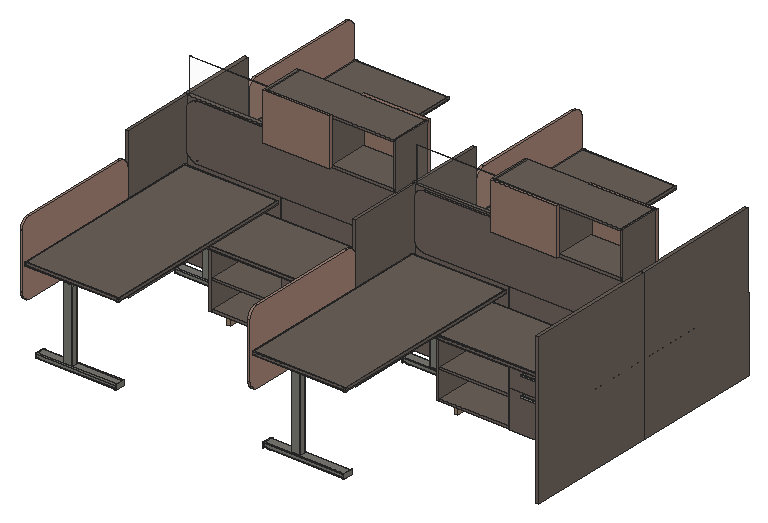
Revit family "T200207", category Furniture, Revit 2018
Family settings
  OmniClass Number = 23.40.20.00
  OmniClass Title = General Furniture and Specialties
  Work Plane-Based = No
  Always vertical = Yes
  Cut with Voids When Loaded = No
  Shared = No
  Room Calculation Point = No
Reference planes (in)
  plane 1 "Center Front/Back": y = 0
  plane 2: z = 0
  plane 3 "Center Left/Right": x = 0
  plane 4 "Center L/S": x = 0
  plane 5 "Center L/T": x = 73
Dimensions and locks (in)
  aligned and locked: level to plane 2
Nested families (in)
  nested 1: "STAKS SPINE OR DIVIDER WALL 48in" at (-49.66635, 12.05498, 0) x (0, -1, 0) z (0, 0, 1), type "STAKS SPINE OR DIVIDER WALL 48in X 24in"
    with Height Above Floor 4' - 0"
  nested 2: "STAKS SPINE OR DIVIDER WALL 48in" at (-59.05498, 6.83365, 0), type "STAKS SPINE OR DIVIDER WALL 48in X 30in"
    with Height Above Floor 4' - 0"
  nested 3: "STAKS SPINE OR DIVIDER WALL 48in" at (-29.05498, 6.83365, 0), type "STAKS SPINE OR DIVIDER WALL 48in X 42in"
    with Height Above Floor 4' - 0"
  nested 4: "STAKS RECTANGULAR WORKSURFACES Short Grain" at (-35.05498, 5.83365, -6), type "STAKS RECTANGULAR WORKSURFACE 22 x 42"
    with Height Above Floor 2' - 5", Width 4' - 0"
  nested 5: "STAKS 15H SHARED ORGANIZER One Opening Per Side" at (-27.55498, 12.42099, 0.5), type "STAKS 15H SHARED ORGANIZER 42in W"
    with Height Above Floor 5' - 2 1/2"
  nested 6: "STAKS CORNER SHELF FOR WALL PANEL" at (-46.90963, -0.58856, -6) x (0.7071, 0.7071, 0) z (0, 0, 1), type "STAKS CORNER SHELF FOR WALL PANEL"
    with Height Above Floor 2' - 5"
  nested 7: "STAKS FABRIC TACKBOARD WITH ROUNDED CORNERS FOR SPINE OR DIVIDER WALL" at (-59.05498, 5.83365, 0), type "STAKS FABRIC TACKBOARD WITH ROUNDED CORNERS FOR SPINE OR DIVIDER WALL 18H x 49-73.9375W"
    with Height Above Floor 3' - 11 1/2", Width 6' - 0"
  nested 8: "STAKS FROSTED ACRYLIC PRIVACY PANEL" at (-20.06705, 1.74965, 0), type "STAKS FROSTED ACRYLIC PRIVACY PANEL 29 x 13"
  nested 9: "STAKS I-BEAM SUPPORTS" at (-24.44943, -19.00035, 0), type "STAKS I-BEAM SUPPORT 40"
  nested 10: "STAKS LOW HEIGHT OPEN SHELF PEDESTAL - WITH RISER SUPPORT" at (-36.47711, -18.62535, 0), type "STAKS LOW HEIGHT OPEN SHELF PEDESTAL - WITH RISER SUPPORT 24 x 19"
  nested 11: "STAKS LOW HEIGHT PEDESTAL WIDE - BOX-FILE - WITH RISER SUPPORT" at (-12.47711, -18.62535, 0), type "STAKS LOW HEIGHT PEDESTAL WIDE - BOX-FILE - WITH RISER SUPPORT 24in W x 19in D"
  nested 12: "STAKS RECTANGULAR WORKSURFACES Worksurface Height" at (-52.83365, -69.22159, 0) x (0, 1, 0) z (0, 0, 1), type "STAKS RECTANGULAR WORKSURFACE 66 x 30"
    with Height Above Floor 2' - 5", Width 5' - 4"
  nested 13: "STAKS OFFSET ELECTRIC ADJUSTABLE HEIGHT BASE Rectangular" at (-42.37465, -41, 0) x (0, 1, 0) z (0, 0, 1), type "STAKS OFFSET ELECTRIC ADJUSTABLE HEIGHT BASE 30in Rectangular"
    with Height 2' - 3 7/8"
  nested 14: "STAKS OFFSET ELECTRIC ADJUSTABLE HEIGHT BASE Rectangular" at (-42.37465, -18.33322, 0) x (0, -1, 0) z (0, 0, 1), type "STAKS OFFSET ELECTRIC ADJUSTABLE HEIGHT BASE 30in Rectangular"
    with Height 2' - 3 7/8"
  nested 15: "STAKS WORKSURFACE EDGE MODESTY TFL WOOD GRAIN AND TFL SOLID COLORS Round Corners" at (-54.25035, -57.5, 17) x (0, -1, 0) z (0, 0, 1), type "STAKS WORKSURFACE EDGE MODESTY TFL WOOD GRAIN AND TFL SOLID COLORS 42 Round Corners"
  nested 16: "STAKS BENCHING CANTILEVER WORKSURFACE BRACKET - OPEN" at (-48.62465, -34.75, 0) x (0, 1, 0) z (0, 0, 1), type "CANTILEVER WORKSURFACE BRACKET - OPEN 14in"
  nested 17: "STAKS BENCHING CANTILEVER WORKSURFACE BRACKET - OPEN" at (-48.62465, -11.75, 0) x (0, 1, 0) z (0, 0, 1), type "CANTILEVER WORKSURFACE BRACKET - OPEN 14in"
  nested 18: "STAKS SPINE OR DIVIDER WALL 48in" at (-49.66635, -3.1303, 0) x (0, 1, 0) z (0, 0, 1), type "STAKS SPINE OR DIVIDER WALL 48in X 24in"
    with Height Above Floor 4' - 0"
  nested 19: "STAKS RECTANGULAR WORKSURFACES Short Grain" at (-35.05498, 3.09103, -6), type "STAKS RECTANGULAR WORKSURFACE 22 x 42"
    with Height Above Floor 2' - 5", Width 4' - 0"
  nested 20: "STAKS CORNER SHELF FOR WALL PANEL" at (-46.90963, 9.51324, -6) x (0.7071, -0.7071, 0) z (0, 0, 1), type "STAKS CORNER SHELF FOR WALL PANEL"
    with Height Above Floor 2' - 5"
  nested 21: "STAKS FABRIC TACKBOARD WITH ROUNDED CORNERS FOR SPINE OR DIVIDER WALL" at (-59.05498, 3.09103, 0), type "STAKS FABRIC TACKBOARD WITH ROUNDED CORNERS FOR SPINE OR DIVIDER WALL 18H x 49-73.9375W"
    with Height Above Floor 3' - 11 1/2", Width 6' - 0"
  nested 22: "STAKS I-BEAM SUPPORTS" at (-24.44943, 27.92503, 0), type "STAKS I-BEAM SUPPORT 40"
  nested 23: "STAKS LOW HEIGHT OPEN SHELF PEDESTAL - WITH RISER SUPPORT" at (-36.47711, 27.55003, 0), type "STAKS LOW HEIGHT OPEN SHELF PEDESTAL - WITH RISER SUPPORT 24 x 19"
  nested 24: "STAKS LOW HEIGHT PEDESTAL WIDE - BOX-FILE - WITH RISER SUPPORT" at (-12.47711, 27.55003, 0), type "STAKS LOW HEIGHT PEDESTAL WIDE - BOX-FILE - WITH RISER SUPPORT 24in W x 19in D"
  nested 25: "STAKS RECTANGULAR WORKSURFACES Worksurface Height" at (-52.83365, 78.14627, 0) x (0, -1, 0) z (0, 0, 1), type "STAKS RECTANGULAR WORKSURFACE 66 x 30"
    with Height Above Floor 2' - 5", Width 5' - 4"
  nested 26: "STAKS OFFSET ELECTRIC ADJUSTABLE HEIGHT BASE Rectangular" at (-42.37465, 49.92468, 0) x (0, -1, 0) z (0, 0, 1), type "STAKS OFFSET ELECTRIC ADJUSTABLE HEIGHT BASE 30in Rectangular"
    with Height 2' - 3 7/8"
  nested 27: "STAKS OFFSET ELECTRIC ADJUSTABLE HEIGHT BASE Rectangular" at (-42.37465, 27.2579, 0) x (0, 1, 0) z (0, 0, 1), type "STAKS OFFSET ELECTRIC ADJUSTABLE HEIGHT BASE 30in Rectangular"
    with Height 2' - 3 7/8"
  nested 28: "STAKS WORKSURFACE EDGE MODESTY TFL WOOD GRAIN AND TFL SOLID COLORS Round Corners" at (-54.25035, 66.42468, 17) x (0, 1, 0) z (0, 0, 1), type "STAKS WORKSURFACE EDGE MODESTY TFL WOOD GRAIN AND TFL SOLID COLORS 42 Round Corners"
  nested 29: "STAKS BENCHING CANTILEVER WORKSURFACE BRACKET - OPEN" at (-48.62465, 43.67468, 0) x (0, -1, 0) z (0, 0, 1), type "CANTILEVER WORKSURFACE BRACKET - OPEN 14in"
  nested 30: "STAKS BENCHING CANTILEVER WORKSURFACE BRACKET - OPEN" at (-48.62465, 20.67468, 0) x (0, -1, 0) z (0, 0, 1), type "CANTILEVER WORKSURFACE BRACKET - OPEN 14in"
  nested 31: "STAKS SPINE OR DIVIDER WALL 48in" at (23.33365, 12.05498, 0) x (0, -1, 0) z (0, 0, 1), type "STAKS SPINE OR DIVIDER WALL 48in X 24in"
    with Height Above Floor 4' - 0"
  nested 32: "STAKS SPINE OR DIVIDER WALL 48in" at (13.94502, 6.83365, 0), type "STAKS SPINE OR DIVIDER WALL 48in X 30in"
    with Height Above Floor 4' - 0"
  nested 33: "STAKS SPINE OR DIVIDER WALL 48in" at (43.94502, 6.83365, 0), type "STAKS SPINE OR DIVIDER WALL 48in X 42in"
    with Height Above Floor 4' - 0"
  nested 34: "STAKS RECTANGULAR WORKSURFACES Short Grain" at (37.94502, 5.83365, -6), type "STAKS RECTANGULAR WORKSURFACE 22 x 42"
    with Height Above Floor 2' - 5", Width 4' - 0"
  nested 35: "STAKS 15H SHARED ORGANIZER One Opening Per Side" at (45.44502, 12.42099, 0.5), type "STAKS 15H SHARED ORGANIZER 42in W"
    with Height Above Floor 5' - 2 1/2"
  nested 36: "STAKS CORNER SHELF FOR WALL PANEL" at (26.09037, -0.58856, -6) x (0.7071, 0.7071, 0) z (0, 0, 1), type "STAKS CORNER SHELF FOR WALL PANEL"
    with Height Above Floor 2' - 5"
  nested 37: "STAKS FABRIC TACKBOARD WITH ROUNDED CORNERS FOR SPINE OR DIVIDER WALL" at (13.94502, 5.83365, 0), type "STAKS FABRIC TACKBOARD WITH ROUNDED CORNERS FOR SPINE OR DIVIDER WALL 18H x 49-73.9375W"
    with Height Above Floor 3' - 11 1/2", Width 6' - 0"
  nested 38: "STAKS FROSTED ACRYLIC PRIVACY PANEL" at (52.93295, 1.74965, 0), type "STAKS FROSTED ACRYLIC PRIVACY PANEL 29 x 13"
  nested 39: "STAKS I-BEAM SUPPORTS" at (48.55057, -19.00035, 0), type "STAKS I-BEAM SUPPORT 40"
  nested 40: "STAKS LOW HEIGHT OPEN SHELF PEDESTAL - WITH RISER SUPPORT" at (36.52289, -18.62535, 0), type "STAKS LOW HEIGHT OPEN SHELF PEDESTAL - WITH RISER SUPPORT 24 x 19"
  nested 41: "STAKS LOW HEIGHT PEDESTAL WIDE - BOX-FILE - WITH RISER SUPPORT" at (60.52289, -18.62535, 0), type "STAKS LOW HEIGHT PEDESTAL WIDE - BOX-FILE - WITH RISER SUPPORT 24in W x 19in D"
  nested 42: "STAKS RECTANGULAR WORKSURFACES Worksurface Height" at (20.16635, -69.22159, 0) x (0, 1, 0) z (0, 0, 1), type "STAKS RECTANGULAR WORKSURFACE 66 x 30"
    with Height Above Floor 2' - 5", Width 5' - 4"
  nested 43: "STAKS OFFSET ELECTRIC ADJUSTABLE HEIGHT BASE Rectangular" at (30.62535, -41, 0) x (0, 1, 0) z (0, 0, 1), type "STAKS OFFSET ELECTRIC ADJUSTABLE HEIGHT BASE 30in Rectangular"
    with Height 2' - 3 7/8"
  nested 44: "STAKS OFFSET ELECTRIC ADJUSTABLE HEIGHT BASE Rectangular" at (30.62535, -18.33322, 0) x (0, -1, 0) z (0, 0, 1), type "STAKS OFFSET ELECTRIC ADJUSTABLE HEIGHT BASE 30in Rectangular"
    with Height 2' - 3 7/8"
  nested 45: "STAKS WORKSURFACE EDGE MODESTY TFL WOOD GRAIN AND TFL SOLID COLORS Round Corners" at (18.74965, -57.5, 17) x (0, -1, 0) z (0, 0, 1), type "STAKS WORKSURFACE EDGE MODESTY TFL WOOD GRAIN AND TFL SOLID COLORS 42 Round Corners"
  nested 46: "STAKS BENCHING CANTILEVER WORKSURFACE BRACKET - OPEN" at (24.37535, -34.75, 0) x (0, 1, 0) z (0, 0, 1), type "CANTILEVER WORKSURFACE BRACKET - OPEN 14in"
  nested 47: "STAKS BENCHING CANTILEVER WORKSURFACE BRACKET - OPEN" at (24.37535, -11.75, 0) x (0, 1, 0) z (0, 0, 1), type "CANTILEVER WORKSURFACE BRACKET - OPEN 14in"
  nested 48: "STAKS SPINE OR DIVIDER WALL 48in" at (23.33365, -3.1303, 0) x (0, 1, 0) z (0, 0, 1), type "STAKS SPINE OR DIVIDER WALL 48in X 24in"
    with Height Above Floor 4' - 0"
  nested 49: "STAKS RECTANGULAR WORKSURFACES Short Grain" at (37.94502, 3.09103, -6), type "STAKS RECTANGULAR WORKSURFACE 22 x 42"
    with Height Above Floor 2' - 5", Width 4' - 0"
  nested 50: "STAKS CORNER SHELF FOR WALL PANEL" at (26.09037, 9.51324, -6) x (0.7071, -0.7071, 0) z (0, 0, 1), type "STAKS CORNER SHELF FOR WALL PANEL"
    with Height Above Floor 2' - 5"
  nested 51: "STAKS FABRIC TACKBOARD WITH ROUNDED CORNERS FOR SPINE OR DIVIDER WALL" at (13.94502, 3.09103, 0), type "STAKS FABRIC TACKBOARD WITH ROUNDED CORNERS FOR SPINE OR DIVIDER WALL 18H x 49-73.9375W"
    with Height Above Floor 3' - 11 1/2", Width 6' - 0"
  nested 52: "STAKS I-BEAM SUPPORTS" at (48.55057, 27.92503, 0), type "STAKS I-BEAM SUPPORT 40"
  nested 53: "STAKS LOW HEIGHT OPEN SHELF PEDESTAL - WITH RISER SUPPORT" at (36.52289, 27.55003, 0), type "STAKS LOW HEIGHT OPEN SHELF PEDESTAL - WITH RISER SUPPORT 24 x 19"
  nested 54: "STAKS LOW HEIGHT PEDESTAL WIDE - BOX-FILE - WITH RISER SUPPORT" at (60.52289, 27.55003, 0), type "STAKS LOW HEIGHT PEDESTAL WIDE - BOX-FILE - WITH RISER SUPPORT 24in W x 19in D"
  nested 55: "STAKS RECTANGULAR WORKSURFACES Worksurface Height" at (20.16635, 78.14627, 0) x (0, -1, 0) z (0, 0, 1), type "STAKS RECTANGULAR WORKSURFACE 66 x 30"
    with Height Above Floor 2' - 5", Width 5' - 4"
  nested 56: "STAKS OFFSET ELECTRIC ADJUSTABLE HEIGHT BASE Rectangular" at (30.62535, 49.92468, 0) x (0, -1, 0) z (0, 0, 1), type "STAKS OFFSET ELECTRIC ADJUSTABLE HEIGHT BASE 30in Rectangular"
    with Height 2' - 3 7/8"
  nested 57: "STAKS OFFSET ELECTRIC ADJUSTABLE HEIGHT BASE Rectangular" at (30.62535, 27.2579, 0) x (0, 1, 0) z (0, 0, 1), type "STAKS OFFSET ELECTRIC ADJUSTABLE HEIGHT BASE 30in Rectangular"
    with Height 2' - 3 7/8"
  nested 58: "STAKS WORKSURFACE EDGE MODESTY TFL WOOD GRAIN AND TFL SOLID COLORS Round Corners" at (18.74965, 66.42468, 17) x (0, 1, 0) z (0, 0, 1), type "STAKS WORKSURFACE EDGE MODESTY TFL WOOD GRAIN AND TFL SOLID COLORS 42 Round Corners"
  nested 59: "STAKS BENCHING CANTILEVER WORKSURFACE BRACKET - OPEN" at (24.37535, 43.67468, 0) x (0, -1, 0) z (0, 0, 1), type "CANTILEVER WORKSURFACE BRACKET - OPEN 14in"
  nested 60: "STAKS BENCHING CANTILEVER WORKSURFACE BRACKET - OPEN" at (24.37535, 20.67468, 0) x (0, -1, 0) z (0, 0, 1), type "CANTILEVER WORKSURFACE BRACKET - OPEN 14in"
  nested 61: "STAKS SPINE OR DIVIDER WALL 48in" at (91.66635, -45.09264, 0) x (0, 1, 0) z (0, 0, 1), type "STAKS SPINE OR DIVIDER WALL 48in X 42in"
    with Height Above Floor 4' - 0"
  nested 62: "STAKS SPINE OR DIVIDER WALL 48in" at (91.66635, 54.01732, 0) x (0, -1, 0) z (0, 0, 1), type "STAKS SPINE OR DIVIDER WALL 48in X 42in"
    with Height Above Floor 4' - 0"
Definition of nested family "STAKS SPINE OR DIVIDER WALL 48in"
  Parameters (values of type "STAKS SPINE OR DIVIDER WALL 48in X 24in")
    URL = "http://www.ofs.com/"
    Height Above Floor [instance] = 4' - 0"
    Height = 4' - 0"
    Depth = 0' - 1"
    Model = "6-PAN-48/24"
    Manufacturer = "OFS"
    Description = "OFS STAKS SPINE OR DIVIDER WALL 48\" Height x 24\" Width, Levelers allow 2.5\" Height Adjustability for Uneven Floor"
    Width = 2' - 0"
    Copyright © = "© 2018 OFS"
    Catalog = "https://ofs.com/products/casegoods/private-office/staks"
    Authoring Version = "Autodesk Revit Architecture 2013"
    Assembly Code = "E2020200"
  Types (19): name | Model | Description | Width
    STAKS SPINE OR DIVIDER WALL 48in X 24in | "6-PAN-48/24" | "OFS STAKS SPINE OR DIVIDER WALL 48\" Height x 24\" Width, Levelers allow 2.5\" Height Adjustability for Uneven Floor" | 2' - 0"
    STAKS SPINE OR DIVIDER WALL 48in X 33in | "6-PAN-48/33" | "OFS STAKS SPINE OR DIVIDER WALL 48\" Height x 33\" Width, Levelers allow 2.5\" Height Adjustability for Uneven Floor" | 2' - 9"
    STAKS SPINE OR DIVIDER WALL 48in X 26in | "6-PAN-48/26" | "OFS STAKS SPINE OR DIVIDER WALL 48\" Height x 26\" Width, Levelers allow 2.5\" Height Adjustability for Uneven Floor" | 2' - 2"
    STAKS SPINE OR DIVIDER WALL 48in X 30in | "6-PAN-48/30" | "OFS STAKS SPINE OR DIVIDER WALL 48\" Height x 30\" Width, Levelers allow 2.5\" Height Adjustability for Uneven Floor" | 2' - 6"
    STAKS SPINE OR DIVIDER WALL 48in X 36in | "6-PAN-48/36" | "OFS STAKS SPINE OR DIVIDER WALL 48\" Height x 36\" Width, Levelers allow 2.5\" Height Adjustability for Uneven Floor" | 3' - 0"
    STAKS SPINE OR DIVIDER WALL 48in X 37in | "6-PAN-48/37" | "OFS STAKS SPINE OR DIVIDER WALL 48\" Height x 37\" Width, Levelers allow 2.5\" Height Adjustability for Uneven Floor" | 3' - 1"
    STAKS SPINE OR DIVIDER WALL 48in X 39in | "6-PAN-48/39" | "OFS STAKS SPINE OR DIVIDER WALL 48\" Height x 39\" Width, Levelers allow 2.5\" Height Adjustability for Uneven Floor" | 3' - 3"
    STAKS SPINE OR DIVIDER WALL 48in X 40in | "6-PAN-48/40" | "OFS STAKS SPINE OR DIVIDER WALL 48\" Height x 40\" Width, Levelers allow 2.5\" Height Adjustability for Uneven Floor" | 3' - 4"
    STAKS SPINE OR DIVIDER WALL 48in X 42in | "6-PAN-48/42" | "OFS STAKS SPINE OR DIVIDER WALL 48\" Height x 42\" Width, Levelers allow 2.5\" Height Adjustability for Uneven Floor" | 3' - 6"
    STAKS SPINE OR DIVIDER WALL 48in X 44in | "6-PAN-48/44" | "OFS STAKS SPINE OR DIVIDER WALL 48\" Height x 44\" Width, Levelers allow 2.5\" Height Adjustability for Uneven Floor" | 3' - 8"
    STAKS SPINE OR DIVIDER WALL 48in X 45in | "6-PAN-48/45" | "OFS STAKS SPINE OR DIVIDER WALL 48\" Height x 45\" Width, Levelers allow 2.5\" Height Adjustability for Uneven Floor" | 3' - 9"
    STAKS SPINE OR DIVIDER WALL 48in X 47in | "6-PAN-48/47" | "OFS STAKS SPINE OR DIVIDER WALL 48\" Height x 47\" Width, Levelers allow 2.5\" Height Adjustability for Uneven Floor" | 3' - 11"
    STAKS SPINE OR DIVIDER WALL 48in X 48in | "6-PAN-48/48" | "OFS STAKS SPINE OR DIVIDER WALL 48\" Height x 48\" Width, Levelers allow 2.5\" Height Adjustability for Uneven Floor" | 4' - 0"
    STAKS SPINE OR DIVIDER WALL 48in X 49in | "6-PAN-48/49" | "OFS STAKS SPINE OR DIVIDER WALL 48\" Height x 49\" Width, Levelers allow 2.5\" Height Adjustability for Uneven Floor" | 4' - 1"
    STAKS SPINE OR DIVIDER WALL 48in X 52in | "6-PAN-48/52" | "OFS STAKS SPINE OR DIVIDER WALL 48\" Height x 52\" Width, Levelers allow 2.5\" Height Adjustability for Uneven Floor" | 4' - 4"
    STAKS SPINE OR DIVIDER WALL 48in X 54in | "6-PAN-48/54" | "OFS STAKS SPINE OR DIVIDER WALL 48\" Height x 54\" Width, Levelers allow 2.5\" Height Adjustability for Uneven Floor" | 4' - 6"
    STAKS SPINE OR DIVIDER WALL 48in X 56in | "6-PAN-48/56" | "OFS STAKS SPINE OR DIVIDER WALL 48\" Height x 56\" Width, Levelers allow 2.5\" Height Adjustability for Uneven Floor" | 4' - 8"
    STAKS SPINE OR DIVIDER WALL 48in X 58in | "6-PAN-48/58" | "OFS STAKS SPINE OR DIVIDER WALL 48\" Height x 58\" Width, Levelers allow 2.5\" Height Adjustability for Uneven Floor" | 4' - 10"
    STAKS SPINE OR DIVIDER WALL 48in X 59in | "6-PAN-48/59" | "OFS STAKS SPINE OR DIVIDER WALL 48\" Height x 59\" Width, Levelers allow 2.5\" Height Adjustability for Uneven Floor" | 4' - 11"
  Reference planes (in)
    plane 1: z = -0.125
    plane 2 "LEFT": x = 7.55498
    plane 3 "RIGHT": x = 31.55498
    plane 4 "BACK": y = -1.83365
    plane 5 "FRONT": y = -2.83365
    plane 6: x = 7.67998
    plane 7: x = 31.42998
    plane 8: y = -1.95865
    plane 9: y = -2.70865
    plane 10: z = -0.125
    plane 11 "SURFACE TOP": z = 47.875
  Forms (in)
    Extrusion 1, solid
      sketch origin (0, 0, 17.125) x (-1, 0, 0) y (0, -1, 0)
        loop
          line (-7.55498, 1.83365) -> (-7.55498, 2.83365) -> (-31.55498, 2.83365) -> (-31.55498, 1.83365) -> (-7.55498, 1.83365)
      from 30.75 to -17.25
  Lines and regions (in)
    symbolic lines
      curve 1: line (7.55498, -1.83365, 47.875) -> (31.55498, -1.83365, 47.875)
      curve 2: line (7.55498, -2.83365, 47.875) -> (7.55498, -1.83365, 47.875)
      curve 3: line (31.55498, -2.83365, 47.875) -> (7.55498, -2.83365, 47.875)
      curve 4: line (31.55498, -1.83365, 47.875) -> (31.55498, -2.83365, 47.875)
  Dimensions and locks (in)
    "Depth": plane 4 "BACK" to plane 5 "FRONT"
    "Width": plane 2 "LEFT" to plane 3 "RIGHT"
    "Height": plane 11 "SURFACE TOP" to plane 10
    locked: plane 4 "BACK" to plane 8 at 0.125
    locked: plane 2 "LEFT" to plane 6 at 0.125
    locked: plane 7 to plane 3 "RIGHT" at 0.125
    locked: plane 9 to plane 5 "FRONT" at 0.125
    "Height Above Floor": plane 11 "SURFACE TOP" to level
    aligned: level to plane 1
    aligned and locked: plane 11 "SURFACE TOP" to Extrusion 1
    aligned and locked: Extrusion 1 to plane 10
    aligned and locked: plane 4 "BACK" to Extrusion 1 sketch curve
    aligned and locked: Extrusion 1 sketch curve to plane 2 "LEFT"
    aligned and locked: Extrusion 1 sketch curve to plane 5 "FRONT"
    aligned and locked: plane 3 "RIGHT" to Extrusion 1 sketch curve
    aligned and locked: curve 1 to Extrusion 1
    aligned and locked: curve 2 to Extrusion 1
    aligned and locked: curve 3 to Extrusion 1
    aligned and locked: curve 4 to Extrusion 1
Definition of nested family "STAKS RECTANGULAR WORKSURFACES Short Grain"
  Parameters (values of type "STAKS RECTANGULAR WORKSURFACE 22 x 15.625")
    URL = "http://www.ofs.com/"
    Height Above Floor [instance] = 2' - 5"
    Height = 0' - 1 1/8"
    Depth = 1' - 10"
    Model = "6-MCT-22/15.625"
    Manufacturer = "OFS"  # constant formula
    Description = "OFS STAKS 22 X 15.625 RECTANGULAR WORKSURFACE For Worksurface or Low Height Applications, Short Grain"
    Width = 1' - 3 5/8"
    Copyright © = "© 2018 OFS"  # constant formula
    Catalog = "https://ofs.com/products/casegoods/private-office/staks"  # constant formula
    Authoring Version = "Autodesk Revit Architecture 2013"
    Assembly Code = "E2020200"
  Types (24): name | Model | Description | Width
    STAKS RECTANGULAR WORKSURFACE 22 x 15.625 | "6-MCT-22/15.625" | "OFS STAKS 22 X 15.625 RECTANGULAR WORKSURFACE For Worksurface or Low Height Applications, Short Grain" | 1' - 3 5/8"
    STAKS RECTANGULAR WORKSURFACE 22 x 34 | "6-MCT-22/34" | "OFS STAKS 22 X 34 RECTANGULAR WORKSURFACE For Worksurface or Low Height Applications, Short Grain" | 2' - 10"
    STAKS RECTANGULAR WORKSURFACE 22 x 36 | "6-MCT-22/36" | "OFS STAKS 22 X 36 RECTANGULAR WORKSURFACE For Worksurface or Low Height Applications, Short Grain" | 3' - 0"
    STAKS RECTANGULAR WORKSURFACE 22 x 42 | "6-MCT-22/42" | "OFS STAKS 22 X 42 RECTANGULAR WORKSURFACE For Worksurface or Low Height Applications, Short Grain" | 3' - 6"
    STAKS RECTANGULAR WORKSURFACE 22 x 46 | "6-MCT-22/46" | "OFS STAKS 22 X 46 RECTANGULAR WORKSURFACE For Worksurface or Low Height Applications, Short Grain" | 3' - 10"
    STAKS RECTANGULAR WORKSURFACE 22 x 48 | "6-MCT-22/48" | "OFS STAKS 22 X 48 RECTANGULAR WORKSURFACE For Worksurface or Low Height Applications, Short Grain" | 4' - 0"
    STAKS RECTANGULAR WORKSURFACE 22 x 48.5 | "6-MCT-22/48.5" | "OFS STAKS 22 X 48.5 RECTANGULAR WORKSURFACE For Worksurface or Low Height Applications, Short Grain" | 4' - 0 1/2"
    STAKS RECTANGULAR WORKSURFACE 22 x 54 | "6-MCT-22/54" | "OFS STAKS 22 X 54 RECTANGULAR WORKSURFACE For Worksurface or Low Height Applications, Short Grain" | 4' - 6"
    STAKS RECTANGULAR WORKSURFACE 22 x 55.5 | "6-MCT-22/55.5" | "OFS STAKS 22 X 55.5 RECTANGULAR WORKSURFACE For Worksurface or Low Height Applications, Short Grain" | 4' - 7 1/2"
    STAKS RECTANGULAR WORKSURFACE 22 x 59 | "6-MCT-22/59" | "OFS STAKS 22 X 59 RECTANGULAR WORKSURFACE For Worksurface or Low Height Applications, Short Grain" | 4' - 11"
    STAKS RECTANGULAR WORKSURFACE 22 x 60 | "6-MCT-22/60" | "OFS STAKS 22 X 60 RECTANGULAR WORKSURFACE For Worksurface or Low Height Applications, Short Grain" | 5' - 0"
    STAKS RECTANGULAR WORKSURFACE 22 x 64 | "6-MCT-22/64" | "OFS STAKS 22 X 64 RECTANGULAR WORKSURFACE For Worksurface or Low Height Applications, Short Grain" | 5' - 4"
    STAKS RECTANGULAR WORKSURFACE 22 x 66 | "6-MCT-22/66" | "OFS STAKS 22 X 66 RECTANGULAR WORKSURFACE For Worksurface or Low Height Applications, Short Grain" | 5' - 6"
    STAKS RECTANGULAR WORKSURFACE 22 x 69.625 | "6-MCT-22/69.625" | "OFS STAKS 22 X 69.625 RECTANGULAR WORKSURFACE For Worksurface or Low Height Applications, Short Grain" | 5' - 9 5/8"
    STAKS RECTANGULAR WORKSURFACE 22 x 70.5 | "6-MCT-22/70.5" | "OFS STAKS 22 X 70.5 RECTANGULAR WORKSURFACE For Worksurface or Low Height Applications, Short Grain" | 5' - 10 1/2"
    STAKS RECTANGULAR WORKSURFACE 22 x 72 | "6-MCT-22/72" | "OFS STAKS 22 X 72 RECTANGULAR WORKSURFACE For Worksurface or Low Height Applications, Short Grain" | 6' - 0"
    STAKS RECTANGULAR WORKSURFACE 22 x 74 | "6-MCT-22/74" | "OFS STAKS 22 X 74 RECTANGULAR WORKSURFACE For Worksurface or Low Height Applications, Short Grain" | 6' - 2"
    STAKS RECTANGULAR WORKSURFACE 22 x 78 | "6-MCT-22/78" | "OFS STAKS 22 X 78 RECTANGULAR WORKSURFACE For Worksurface or Low Height Applications, Short Grain" | 6' - 6"
    STAKS RECTANGULAR WORKSURFACE 22 x 82.5 | "6-MCT-22/82.5" | "OFS STAKS 22 X 82.5 RECTANGULAR WORKSURFACE For Worksurface or Low Height Applications, Short Grain" | 6' - 10 1/2"
    STAKS RECTANGULAR WORKSURFACE 22 x 84 | "6-MCT-22/84" | "OFS STAKS 22 X 84 RECTANGULAR WORKSURFACE For Worksurface or Low Height Applications, Short Grain" | 7' - 0"
    STAKS RECTANGULAR WORKSURFACE 22 x 87.625 | "6-MCT-22/87.625" | "OFS STAKS 22 X 87.625 RECTANGULAR WORKSURFACE For Worksurface or Low Height Applications, Short Grain" | 7' - 3 5/8"
    STAKS RECTANGULAR WORKSURFACE 22 x 90 | "6-MCT-22/90" | "OFS STAKS 22 X 90 RECTANGULAR WORKSURFACE For Worksurface or Low Height Applications, Short Grain" | 7' - 6"
    STAKS RECTANGULAR WORKSURFACE 22 x 94 | "6-MCT-22/94" | "OFS STAKS 22 X 94 RECTANGULAR WORKSURFACE For Worksurface or Low Height Applications, Short Grain" | 7' - 10"
    STAKS RECTANGULAR WORKSURFACE 22 x 96 | "6-MCT-22/96" | "OFS STAKS 22 X 96 RECTANGULAR WORKSURFACE For Worksurface or Low Height Applications, Short Grain" | 8' - 0"
  Reference planes (in)
    plane 1: z = -0.125
    plane 2 "LEFT": x = 7.55498
    plane 3 "RIGHT": x = 23.17998
    plane 4 "BACK": y = -1.83365
    plane 5 "FRONT": y = -23.83365
    plane 6: x = 7.67998
    plane 7: x = 23.05498
    plane 8: y = -1.95865
    plane 9: y = -23.70865
    plane 10: z = 27.75
    plane 11 "SURFACE TOP": z = 28.875
  Forms (in)
    Extrusion 1, solid
      sketch origin (0, 0, 17.125) x (-1, 0, 0) y (0, -1, 0)
        loop
          line (-7.67998, 1.95865) -> (-7.67998, 23.70865) -> (-23.05498, 23.70865) -> (-23.05498, 1.95865) -> (-7.67998, 1.95865)
      from 11.75 to 10.625
    Sweep 2, solid
      path origin (0, 0, 28.875) x (0, 1, 0) y (-1, 0, 0)
        loop
          line (-23.83365, -7.55498) -> (-23.83365, -23.17998) -> (-1.83365, -23.17998) -> (-1.83365, -7.55498) -> (-23.83365, -7.55498)
      profile origin (15.36748, -23.83365, 28.875) x (0, 1, 0) y (0, 0, 1)
        loop
          arc (0.125, 0) -> (0.03661, -0.03661) -> (0, -0.125) r 0.125
          line (0, -0.125) -> (0, -1)
          arc (0, -1) -> (0.03661, -1.08839) -> (0.125, -1.125) r 0.125
          line (0.125, -1.125) -> (0.125, 0)
  Lines and regions (in)
    Masking region 1
      outline origin (0, 0, 16.625) x (-1, 0, 0) y (0, -1, 0)
        loop
          line (-7.67998, 1.95865) -> (-7.55498, 1.83365) -> (-7.55498, 23.83365) -> (-7.67998, 23.70865) -> (-7.67998, 1.95865)
    Masking region 2
      outline origin (0, 0, 16.625) x (-1, 0, 0) y (0, -1, 0)
        loop
          line (-7.55498, 1.83365) -> (-7.67998, 1.95865) -> (-23.05498, 1.95865) -> (-23.17998, 1.83365) -> (-7.55498, 1.83365)
    Masking region 3
      outline origin (0, 0, 16.625) x (-1, 0, 0) y (0, -1, 0)
        loop
          line (-23.17998, 1.83365) -> (-23.05498, 1.95865) -> (-23.05498, 23.70865) -> (-23.17998, 23.83365) -> (-23.17998, 1.83365)
    Masking region 4
      outline origin (0, 0, 16.625) x (-1, 0, 0) y (0, -1, 0)
        loop
          line (-23.17998, 23.83365) -> (-23.05498, 23.70865) -> (-7.67998, 23.70865) -> (-7.55498, 23.83365) -> (-23.17998, 23.83365)
    Masking region 5
      outline origin (0, 0, 16.625) x (-1, 0, 0) y (0, -1, 0)
        loop
          line (-23.05498, 23.70865) -> (-23.05498, 1.95865) -> (-7.67998, 1.95865) -> (-7.67998, 23.70865) -> (-23.05498, 23.70865)
  Dimensions and locks (in)
    "Depth": plane 4 "BACK" to plane 5 "FRONT"
    "Width": plane 2 "LEFT" to plane 3 "RIGHT"
    "Height": plane 11 "SURFACE TOP" to plane 10
    locked: plane 4 "BACK" to plane 8 at 0.125
    locked: plane 2 "LEFT" to plane 6 at 0.125
    locked: plane 7 to plane 3 "RIGHT" at 0.125
    locked: plane 9 to plane 5 "FRONT" at 0.125
    "Height Above Floor": plane 11 "SURFACE TOP" to level
    aligned: level to plane 1
    aligned and locked: plane 8 to Extrusion 1 sketch curve
    aligned and locked: Extrusion 1 sketch curve to plane 6
    aligned and locked: Extrusion 1 sketch curve to plane 9
    aligned and locked: plane 7 to Extrusion 1 sketch curve
    aligned and locked: plane 11 "SURFACE TOP" to Extrusion 1
    aligned and locked: Extrusion 1 to plane 10
    aligned and locked: Sweep 2 sketch curve to plane 5 "FRONT"
    aligned and locked: Sweep 2 sketch curve to plane 2 "LEFT"
    aligned and locked: plane 4 "BACK" to Sweep 2 sketch curve
    aligned and locked: plane 3 "RIGHT" to Sweep 2 sketch curve
  Automatic sketch dimensions
    Masking region 1 sketch curve to plane 6 = 0' - 0"
    Masking region 1 sketch curve to plane 2 "LEFT" = 0' - 0"
    Masking region 1 sketch curve to plane 4 "BACK" = 0' - 0"
    Masking region 1 sketch curve to plane 8 = 0' - 0"
    Masking region 1 sketch curve to plane 9 = 0' - 0"
    Masking region 1 sketch curve to plane 5 "FRONT" = 0' - 0"
    Masking region 2 sketch curve to plane 3 "RIGHT" = 0' - 0"
    Masking region 2 sketch curve to plane 7 = 0' - 0"
    Masking region 2 sketch curve to plane 6 = 0' - 0"
    Masking region 2 sketch curve to plane 2 "LEFT" = 0' - 0"
    Masking region 2 sketch curve to plane 4 "BACK" = 0' - 0"
    Masking region 2 sketch curve to plane 8 = 0' - 0"
    Masking region 3 sketch curve to plane 3 "RIGHT" = 0' - 0"
    Masking region 3 sketch curve to plane 7 = 0' - 0"
    Masking region 3 sketch curve to plane 4 "BACK" = 0' - 0"
    Masking region 3 sketch curve to plane 8 = 0' - 0"
    Masking region 3 sketch curve to plane 9 = 0' - 0"
    Masking region 3 sketch curve to plane 5 "FRONT" = 0' - 0"
    Masking region 4 sketch curve to plane 3 "RIGHT" = 0' - 0"
    Masking region 4 sketch curve to plane 7 = 0' - 0"
    Masking region 4 sketch curve to plane 6 = 0' - 0"
    Masking region 4 sketch curve to plane 2 "LEFT" = 0' - 0"
    Masking region 4 sketch curve to plane 9 = 0' - 0"
    Masking region 4 sketch curve to plane 5 "FRONT" = 0' - 0"
    Masking region 5 sketch curve to plane 7 = 0' - 0"
    Masking region 5 sketch curve to plane 6 = 0' - 0"
    Masking region 5 sketch curve to plane 8 = 0' - 0"
    Masking region 5 sketch curve to plane 9 = 0' - 0"
    Sweep 2 sketch curve to profile plane = 0' - 0"
    Sweep 2 sketch curve to plane 11 "SURFACE TOP" = 0' - 0"
    Sweep 2 sketch curve to profile plane = 0' - 0 1/8"
    Sweep 2 sketch curve to Sweep 2 sketch curve = 0' - 0 7/8"
Definition of nested family "STAKS 15H SHARED ORGANIZER One Opening Per Side"
  Parameters (values of type "STAKS 15H SHARED ORGANIZER 30in W")
    URL = "http://www.ofs.com/"
    Height Above Floor [instance] = 5' - 2 1/2"
    Height = 1' - 3"
    Doors Material = none
    Depth = 1' - 2 1/2"
    Model = "6-3015SORG2A"
    Manufacturer = "OFS"
    Description = "OFS STAKS 15H SHARED ORGANIZER 30\" Width, One Opening per Side"
    Width = 2' - 6"
    Copyright © = "© 2018 OFS"
    Catalog = "https://ofs.com/products/casegoods/private-office/staks"
    Board Material = none
    Board Thickness = 0' - 0 3/4"
    Authoring Version = "Autodesk Revit Architecture 2013"
    Assembly Code = "E2020200"
  Types (3): name | Model | Description | Width
    STAKS 15H SHARED ORGANIZER 36in W | "6-3615SORG2A" | "OFS STAKS 15H SHARED ORGANIZER 36\" Width, One Opening per Side" | 3' - 0"
    STAKS 15H SHARED ORGANIZER 42in W | "6-4215SORG2A" | "OFS STAKS 15H SHARED ORGANIZER 42\" Width, One Opening per Side" | 3' - 6"
    STAKS 15H SHARED ORGANIZER 30in W | "6-3015SORG2A" | "OFS STAKS 15H SHARED ORGANIZER 30\" Width, One Opening per Side" | 2' - 6"
  Reference planes (in)
    plane 1: z = -0.125
    plane 2 "LEFT": x = 12.05498
    plane 3 "RIGHT": x = 42.05498
    plane 4 "BACK": y = -1.83365
    plane 5 "FRONT": y = -14.83365
    plane 6: x = 12.80498
    plane 7: x = 41.30498
    plane 8: z = 47.375
    plane 9 "SURFACE TOP": z = 62.375
    plane 10: z = 48.125
    plane 11: x = 27.05498
    plane 12: z = 61.625
    plane 13: y = -8.33365
    plane 14: y = -7.95865
    plane 15: y = -8.70865
    plane 16: x = 27.42998
    plane 17: x = 26.67998
    plane 18: y = -1.08365
    plane 19: y = -15.58365
  Forms (in)
    Extrusion 1, solid, material <- "Board Material"
      sketch origin (0, 0, 62.375) x (0, 1, 0) y (-1, 0, 0)
        loop
          line (-1.83365, -12.80498) -> (-14.83365, -12.80498) -> (-14.83365, -41.30498) -> (-1.83365, -41.30498) -> (-1.83365, -12.80498)
      from -14.25 to -15
    Extrusion 2, solid, material <- "Board Material"
      sketch origin (0, 0, 62.375) x (0, 1, 0) y (-1, 0, 0)
        loop
          line (-1.83365, -12.80498) -> (-1.83365, -12.05498) -> (-14.83365, -12.05498) -> (-14.83365, -12.80498) -> (-1.83365, -12.80498)
        loop
          line (-1.83365, -42.05498) -> (-1.83365, -41.30498) -> (-14.83365, -41.30498) -> (-14.83365, -42.05498) -> (-1.83365, -42.05498)
      from 0 to -15
    Extrusion 3, solid, material <- "Board Material"
      sketch origin (0, 0, 27.375) x (0, 1, 0) y (-1, 0, 0)
        loop
          line (-1.83365, -12.80498) -> (-14.83365, -12.80498) -> (-14.83365, -41.30498) -> (-1.83365, -41.30498) -> (-1.83365, -12.80498)
      from 35 to 34.25
    Extrusion 4, solid, material <- "Board Material"
      sketch origin (0, 0, 62.375) x (0, 1, 0) y (-1, 0, 0)
        loop
          line (-1.83365, -26.67998) -> (-14.83365, -26.67998) -> (-14.83365, -27.42998) -> (-1.83365, -27.42998) -> (-1.83365, -26.67998)
      from -0.75 to -14.25
    Extrusion 5, solid, material <- "Doors Material"
      sketch origin (-1.5309, -10.89295, 62.375) x (0, 1, 0) y (-1, 0, 0)
        loop
          line (-3.9407, -13.58589) -> (-4.6907, -13.58589) -> (-4.6907, -28.96089) -> (-3.9407, -28.96089) -> (-3.9407, -13.58589)
      from 0 to -15
    Extrusion 6, solid, material <- "Doors Material"
      sketch origin (30.99601, 21.63396, 62.375) x (0, 1, 0) y (-1, 0, 0)
        loop
          line (-22.71762, 4.31603) -> (-23.46762, 4.31603) -> (-23.46762, -11.05897) -> (-22.71762, -11.05897) -> (-22.71762, 4.31603)
      from 0 to -15
  Dimensions and locks (in)
    "Width": plane 2 "LEFT" to plane 3 "RIGHT"
    "Height": plane 9 "SURFACE TOP" to plane 8
    "Board Thickness": plane 2 "LEFT" to plane 6
    "Board Thickness": plane 7 to plane 3 "RIGHT"
    "Height Above Floor": plane 9 "SURFACE TOP" to level
    "Board Thickness": plane 10 to plane 8
    equal spacing: plane 2 "LEFT", plane 11, plane 3 "RIGHT"
    "Board Thickness": plane 9 "SURFACE TOP" to plane 12
    equal spacing: plane 4 "BACK", plane 13, plane 5 "FRONT"
    equal spacing: plane 14, plane 13, plane 15
    "Board Thickness": plane 14 to plane 15
    equal spacing: plane 17, plane 11, plane 16
    "Board Thickness": plane 17 to plane 16
    "Depth": plane 18 to plane 19
    "Board Thickness": plane 18 to plane 4 "BACK"
    "Board Thickness": plane 5 "FRONT" to plane 19
    aligned: level to plane 1
    aligned and locked: Extrusion 1 sketch curve to plane 4 "BACK"
    aligned and locked: plane 6 to Extrusion 1 sketch curve
    aligned and locked: plane 5 "FRONT" to Extrusion 1 sketch curve
    aligned and locked: Extrusion 1 sketch curve to plane 7
    aligned and locked: Extrusion 1 to plane 8
    aligned and locked: plane 10 to Extrusion 1
    aligned and locked: Extrusion 1 to Extrusion 2 sketch curve  (x2)
    aligned and locked: Extrusion 2 sketch curve to Extrusion 1  (x2)
    aligned and locked: Extrusion 2 sketch curve to plane 5 "FRONT"
    aligned and locked: Extrusion 2 sketch curve to plane 2 "LEFT"
    aligned and locked: plane 4 "BACK" to Extrusion 2 sketch curve
    aligned and locked: plane 3 "RIGHT" to Extrusion 2 sketch curve
    aligned and locked: Extrusion 2 to plane 8
    aligned and locked: plane 9 "SURFACE TOP" to Extrusion 2
    aligned and locked: plane 9 "SURFACE TOP" to Extrusion 3
    aligned and locked: Extrusion 3 to plane 12
    aligned and locked: plane 4 "BACK" to Extrusion 3
    aligned and locked: Extrusion 3 to plane 5 "FRONT"
    aligned and locked: Extrusion 3 to plane 6
    aligned and locked: plane 7 to Extrusion 3
    aligned and locked: Extrusion 4 sketch curve to plane 17
    aligned and locked: plane 5 "FRONT" to Extrusion 4 sketch curve
    aligned and locked: Extrusion 4 sketch curve to plane 16
    aligned and locked: Extrusion 5 to plane 2 "LEFT"
    aligned and locked: plane 16 to Extrusion 5
    aligned and locked: plane 17 to Extrusion 6
    aligned and locked: plane 3 "RIGHT" to Extrusion 6
    aligned and locked: Extrusion 6 to plane 4 "BACK"
    aligned and locked: plane 18 to Extrusion 6
    aligned and locked: plane 5 "FRONT" to Extrusion 5
    aligned and locked: Extrusion 5 to plane 19
    aligned and locked: Extrusion 5 to plane 8
    aligned and locked: plane 9 "SURFACE TOP" to Extrusion 5
    aligned and locked: plane 9 "SURFACE TOP" to Extrusion 6
    aligned and locked: Extrusion 6 to plane 8
    aligned and locked: Extrusion 4 to plane 4 "BACK"
  Automatic sketch dimensions
    Extrusion 3 sketch curve to plane 5 "FRONT" = 0' - 0"
    Extrusion 3 sketch curve to plane 4 "BACK" = 0' - 0"
    Extrusion 3 sketch curve to plane 7 = 0' - 0"
    Extrusion 3 sketch curve to plane 6 = 0' - 0"
    Extrusion 5 sketch curve to plane 2 "LEFT" = 0' - 0"
    Extrusion 5 sketch curve to plane 19 = 0' - 0"
    Extrusion 5 sketch curve to plane 7 = 1' - 1 7/8"
    Extrusion 5 sketch curve to Extrusion 5 sketch curve = 0' - 0 3/4"
    Extrusion 6 sketch curve to plane 18 = 0' - 0 3/4"
    plane 18 to Extrusion 6 sketch curve = 0' - 0"
    plane 3 "RIGHT" to Extrusion 6 sketch curve = 0' - 0"
    Extrusion 6 sketch curve to plane 7 = 1' - 2 5/8"
    plane 15 to Extrusion 4 sketch curve = 0' - 6 7/8"
Definition of nested family "STAKS CORNER SHELF FOR WALL PANEL"
  Parameters (values of type "STAKS CORNER SHELF FOR WALL PANEL")
    Width = 1' - 9"
    Veneer Material = none
    URL = "http://www.ofs.com/"
    Height Above Floor [instance] = 2' - 5"
    Height = 0' - 0 3/4"
    Edge Material = none
    Model = "6-2108SHLF"
    Manufacturer = "OFS"
    Description = "OFS STAKS CORNER SHELF FOR WALL PANEL"
    Depth = 0' - 8"
    Copyright © = "© 2018 OFS"
    Catalog = "https://ofs.com/products/casegoods/private-office/staks"
    Authoring Version = "Autodesk Revit Architecture 2013"
    Assembly Code = "E2020200"
    3D Laminate Material = none
  Reference planes (in)
    plane 1 "Center (Front/Back)": y = 0
    plane 2: z = 0
    plane 3 "Center (Left/Right)": x = 0
    plane 4: x = 10.5
    plane 5: x = -10.5
    plane 6: y = 4
    plane 7: y = -4
    plane 8: z = 28.25
    plane 9: z = 29
  Forms (in)
    Extrusion 1, solid, material <- "3D Laminate Material"
      sketch origin (3.56329, 81.33771, 7) x (-1, 0, 0) y (0, -1, 0)
        loop
          line (14.06329, 85.33771) -> (-6.93671, 85.33771) -> (1.06329, 77.33771) -> (6.06329, 77.33771) -> (14.06329, 85.33771)
      from 22 to 21.25
  Dimensions and locks (in)
    equal spacing: plane 5, plane 3 "Center (Left/Right)", plane 4
    "Width": plane 5 to plane 4
    "Depth": plane 6 to plane 7
    equal spacing: plane 7, plane 1 "Center (Front/Back)", plane 6
    "Height": plane 9 to plane 8
    "Height Above Floor": plane 9 to level
    aligned and locked: level to plane 2
    aligned and locked: plane 9 to Extrusion 1
    aligned and locked: Extrusion 1 to plane 8
    aligned and locked: plane 4 to Extrusion 1 sketch curve
    aligned and locked: Extrusion 1 sketch curve to plane 6
  Automatic sketch dimensions
    plane 7 to Extrusion 1 sketch curve = 0' - 0"
    plane 3 "Center (Left/Right)" to Extrusion 1 sketch curve = 0' - 2 1/2"
    Extrusion 1 sketch curve to plane 3 "Center (Left/Right)" = 0' - 2 1/2"
    Extrusion 1 sketch curve to plane 5 = 0' - 0"
Definition of nested family "STAKS FABRIC TACKBOARD WITH ROUNDED CORNERS FOR SPINE OR DIVIDER WALL"
  Parameters (values of type "STAKS FABRIC TACKBOARD WITH ROUNDED CORNERS FOR SPINE OR DIVIDER WALL 12H x 27-48.9375W")
    URL = "http://www.ofs.com/"
    Height Above Floor [instance] = 3' - 5 1/2"
    Height = 1' - 0"
    Depth = 0' - 0 1/2"
    Model = "FTR10D"
    Manufacturer = "OFS"
    Description = "OFS STAKS FABRIC TACKBOARD WITH ROUNDED CORNERS FOR SPINE OR DIVIDER WALL 12\" Height X 27\" - 48.9375\" Width, Any Width in 1/8\" Increments available within Ranges Shown"
    Width = 2' - 3"
    Copyright © = "© 2018 OFS"
    Catalog = "https://ofs.com/products/casegoods/private-office/staks"
    Authoring Version = "Autodesk Revit Architecture 2013"
    Assembly Code = "E2020200"
  Types (6): name | Height Above Floor | Height | Model | Description | Width
    STAKS FABRIC TACKBOARD WITH ROUNDED CORNERS FOR SPINE OR DIVIDER WALL 12H x 27-48.9375W | 3' - 5 1/2" | 1' - 0" | "FTR10D" | "OFS STAKS FABRIC TACKBOARD WITH ROUNDED CORNERS FOR SPINE OR DIVIDER WALL 12\" Height X 27\" - 48.9375\" Width, Any Width in 1/8\" Increments available within Ranges Shown" | 2' - 3"
    STAKS FABRIC TACKBOARD WITH ROUNDED CORNERS FOR SPINE OR DIVIDER WALL 12H x 74-96W | 3' - 5 1/2" | 1' - 0" | "FTR10F" | "OFS STAKS FABRIC TACKBOARD WITH ROUNDED CORNERS FOR SPINE OR DIVIDER WALL 12\" Height X 74\" - 96\" Width, Any Width in 1/8\" Increments available within Ranges Shown" | 6' - 2"
    STAKS FABRIC TACKBOARD WITH ROUNDED CORNERS FOR SPINE OR DIVIDER WALL 12H x 49-73.9375W | 3' - 5 1/2" | 1' - 0" | "FTR10E" | "OFS STAKS FABRIC TACKBOARD WITH ROUNDED CORNERS FOR SPINE OR DIVIDER WALL 12\" Height X 49\" - 73.9375\" Width, Any Width in 1/8\" Increments available within Ranges Shown" | 4' - 1"
    STAKS FABRIC TACKBOARD WITH ROUNDED CORNERS FOR SPINE OR DIVIDER WALL 18H x 27-48.9375W | 3' - 11 1/2" | 1' - 6" | "FTR10A" | "OFS STAKS FABRIC TACKBOARD WITH ROUNDED CORNERS FOR SPINE OR DIVIDER WALL 18\" Height X 27\" - 48.9375\" Width, Any Width in 1/8\" Increments available within Ranges Shown" | 2' - 3"
    STAKS FABRIC TACKBOARD WITH ROUNDED CORNERS FOR SPINE OR DIVIDER WALL 18H x 49-73.9375W | 3' - 11 1/2" | 1' - 6" | "FTR10B" | "OFS STAKS FABRIC TACKBOARD WITH ROUNDED CORNERS FOR SPINE OR DIVIDER WALL 18\" Height X 49\" - 73.9375\" Width, Any Width in 1/8\" Increments available within Ranges Shown" | 4' - 1"
    STAKS FABRIC TACKBOARD WITH ROUNDED CORNERS FOR SPINE OR DIVIDER WALL 18H x 74-96W | 3' - 11 1/2" | 1' - 6" | "FTR10C" | "OFS STAKS FABRIC TACKBOARD WITH ROUNDED CORNERS FOR SPINE OR DIVIDER WALL 18\" Height X 74\" - 96\" Width, Any Width in 1/8\" Increments available within Ranges Shown" | 6' - 2"
  Reference planes (in)
    plane 1: z = -0.125
    plane 2 "LEFT": x = 7.55498
    plane 3 "RIGHT": x = 34.55498
    plane 4 "BACK": y = -1.83365
    plane 5 "FRONT": y = -2.33365
    plane 6: x = 7.67998
    plane 7: x = 34.42998
    plane 8: y = -1.95865
    plane 9: y = -2.20865
    plane 10: z = 29.375
    plane 11 "SURFACE TOP": z = 41.375
  Forms (in)
    Extrusion 1, solid
      sketch origin (0, 0.50035, 0) x (1, 0, 0) y (0, 0, 1)
        loop
          arc (30.55498, 29.375) -> (33.38341, 30.54657) -> (34.55498, 33.375) r 4
          line (34.55498, 33.375) -> (34.55498, 37.375)
          arc (34.55498, 37.375) -> (33.38341, 40.20343) -> (30.55498, 41.375) r 4
          line (30.55498, 41.375) -> (11.55498, 41.375)
          arc (11.55498, 41.375) -> (8.72655, 40.20343) -> (7.55498, 37.375) r 4
          line (7.55498, 37.375) -> (7.55498, 33.375)
          arc (7.55498, 33.375) -> (8.72655, 30.54657) -> (11.55498, 29.375) r 4
          line (11.55498, 29.375) -> (30.55498, 29.375)
      from 2.834 to 2.334
  Dimensions and locks (in)
    "Depth": plane 4 "BACK" to plane 5 "FRONT"
    "Width": plane 2 "LEFT" to plane 3 "RIGHT"
    "Height": plane 11 "SURFACE TOP" to plane 10
    locked: plane 4 "BACK" to plane 8 at 0.125
    locked: plane 2 "LEFT" to plane 6 at 0.125
    locked: plane 7 to plane 3 "RIGHT" at 0.125
    locked: plane 9 to plane 5 "FRONT" at 0.125
    "Height Above Floor": plane 11 "SURFACE TOP" to level
    aligned: level to plane 1
    aligned and locked: plane 10 to Extrusion 1 sketch curve
    aligned and locked: Extrusion 1 sketch curve to plane 3 "RIGHT"
    aligned and locked: Extrusion 1 sketch curve to plane 11 "SURFACE TOP"
    aligned and locked: plane 2 "LEFT" to Extrusion 1 sketch curve
    aligned and locked: Extrusion 1 to plane 5 "FRONT"
    aligned and locked: plane 4 "BACK" to Extrusion 1
  Automatic sketch dimensions
    plane 10 to Extrusion 1 sketch curve = 0' - 4"
    plane 6 to Extrusion 1 sketch curve = 0' - 3 7/8"  (x2)
    Extrusion 1 sketch curve to plane 7 = 0' - 3 7/8"
Definition of nested family "STAKS FROSTED ACRYLIC PRIVACY PANEL"
  Parameters (values of type "STAKS FROSTED ACRYLIC PRIVACY PANEL 23 x 10")
    Width = 1' - 11"
    URL = "http://www.ofs.com/"
    Model = "6-PVPA-23/10"
    Manufacturer = "OFS"
    Height From Floor = 4' - 8"
    Height = 0' - 10"
    Description = "OFS STAKS FROSTED ACRYLIC PRIVACY PANEL 23 x 10, Recessed 1.5\" Inside Wall Panel"
    Depth = 0' - 0 1/4"
    Copyright © = "© 2018 OFS"
    Catalog = "https://ofs.com/products/casegoods/private-office/staks"
    Shelf Material = none
    Authoring Version = "Autodesk Revit Architecture 2013"
    Assembly Code = "E2020200"
  Types (38): name | Width | Model | Height From Floor | Height | Description
    STAKS FROSTED ACRYLIC PRIVACY PANEL 23 x 10 | 1' - 11" | "6-PVPA-23/10" | 4' - 8" | 0' - 10" | "OFS STAKS FROSTED ACRYLIC PRIVACY PANEL 23 x 10, Recessed 1.5\" Inside Wall Panel"
    STAKS FROSTED ACRYLIC PRIVACY PANEL 25 x 10 | 2' - 1" | "6-PVPA-25/10" | 4' - 8" | 0' - 10" | "OFS STAKS FROSTED ACRYLIC PRIVACY PANEL 25 x 10, Recessed 1.5\" Inside Wall Panel"
    STAKS FROSTED ACRYLIC PRIVACY PANEL 29 x 10 | 2' - 5" | "6-PVPA-29/10" | 4' - 8" | 0' - 10" | "OFS STAKS FROSTED ACRYLIC PRIVACY PANEL 29 x 10, Recessed 1.5\" Inside Wall Panel"
    STAKS FROSTED ACRYLIC PRIVACY PANEL 32 x 10 | 2' - 8" | "6-PVPA-32/10" | 4' - 8" | 0' - 10" | "OFS STAKS FROSTED ACRYLIC PRIVACY PANEL 32 x 10, Recessed 1.5\" Inside Wall Panel"
    STAKS FROSTED ACRYLIC PRIVACY PANEL 35 x 10 | 2' - 11" | "6-PVPA-35/10" | 4' - 8" | 0' - 10" | "OFS STAKS FROSTED ACRYLIC PRIVACY PANEL 35 x 10, Recessed 1.5\" Inside Wall Panel"
    STAKS FROSTED ACRYLIC PRIVACY PANEL 36 x 10 | 3' - 0" | "6-PVPA-36/10" | 4' - 8" | 0' - 10" | "OFS STAKS FROSTED ACRYLIC PRIVACY PANEL 36 x 10, Recessed 1.5\" Inside Wall Panel"
    STAKS FROSTED ACRYLIC PRIVACY PANEL 38 x 10 | 3' - 2" | "6-PVPA-38/10" | 4' - 8" | 0' - 10" | "OFS STAKS FROSTED ACRYLIC PRIVACY PANEL 38 x 10, Recessed 1.5\" Inside Wall Panel"
    STAKS FROSTED ACRYLIC PRIVACY PANEL 39 x 10 | 3' - 3" | "6-PVPA-39/10" | 4' - 8" | 0' - 10" | "OFS STAKS FROSTED ACRYLIC PRIVACY PANEL 39 x 10, Recessed 1.5\" Inside Wall Panel"
    STAKS FROSTED ACRYLIC PRIVACY PANEL 41 x 10 | 3' - 5" | "6-PVPA-41/10" | 4' - 8" | 0' - 10" | "OFS STAKS FROSTED ACRYLIC PRIVACY PANEL 41 x 10, Recessed 1.5\" Inside Wall Panel"
    STAKS FROSTED ACRYLIC PRIVACY PANEL 43 x 10 | 3' - 7" | "6-PVPA-43/10" | 4' - 8" | 0' - 10" | "OFS STAKS FROSTED ACRYLIC PRIVACY PANEL 43 x 10, Recessed 1.5\" Inside Wall Panel"
    STAKS FROSTED ACRYLIC PRIVACY PANEL 44 x 10 | 3' - 8" | "6-PVPA-44/10" | 4' - 8" | 0' - 10" | "OFS STAKS FROSTED ACRYLIC PRIVACY PANEL 44 x 10, Recessed 1.5\" Inside Wall Panel"
    STAKS FROSTED ACRYLIC PRIVACY PANEL 46 x 10 | 3' - 10" | "6-PVPA-46/10" | 4' - 8" | 0' - 10" | "OFS STAKS FROSTED ACRYLIC PRIVACY PANEL 46 x 10, Recessed 1.5\" Inside Wall Panel"
    STAKS FROSTED ACRYLIC PRIVACY PANEL 47 x 10 | 3' - 11" | "6-PVPA-47/10" | 4' - 8" | 0' - 10" | "OFS STAKS FROSTED ACRYLIC PRIVACY PANEL 47 x 10, Recessed 1.5\" Inside Wall Panel"
    STAKS FROSTED ACRYLIC PRIVACY PANEL 48 x 10 | 4' - 0" | "6-PVPA-48/10" | 4' - 8" | 0' - 10" | "OFS STAKS FROSTED ACRYLIC PRIVACY PANEL 48 x 10, Recessed 1.5\" Inside Wall Panel"
    STAKS FROSTED ACRYLIC PRIVACY PANEL 51 x 10 | 4' - 3" | "6-PVPA-51/10" | 4' - 8" | 0' - 10" | "OFS STAKS FROSTED ACRYLIC PRIVACY PANEL 51 x 10, Recessed 1.5\" Inside Wall Panel"
    STAKS FROSTED ACRYLIC PRIVACY PANEL 53 x 10 | 4' - 5" | "6-PVPA-53/10" | 4' - 8" | 0' - 10" | "OFS STAKS FROSTED ACRYLIC PRIVACY PANEL 53 x 10, Recessed 1.5\" Inside Wall Panel"
    STAKS FROSTED ACRYLIC PRIVACY PANEL 55 x 10 | 4' - 7" | "6-PVPA-55/10" | 4' - 8" | 0' - 10" | "OFS STAKS FROSTED ACRYLIC PRIVACY PANEL 55 x 10, Recessed 1.5\" Inside Wall Panel"
    STAKS FROSTED ACRYLIC PRIVACY PANEL 57 x 10 | 4' - 9" | "6-PVPA-57/10" | 4' - 8" | 0' - 10" | "OFS STAKS FROSTED ACRYLIC PRIVACY PANEL 57 x 10, Recessed 1.5\" Inside Wall Panel"
    STAKS FROSTED ACRYLIC PRIVACY PANEL 58 x 10 | 4' - 10" | "6-PVPA-58/10" | 4' - 8" | 0' - 10" | "OFS STAKS FROSTED ACRYLIC PRIVACY PANEL 58 x 10, Recessed 1.5\" Inside Wall Panel"
    STAKS FROSTED ACRYLIC PRIVACY PANEL 23 x 13 | 1' - 11" | "6-PVPA-23/13" | 4' - 11" | 1' - 1" | "OFS STAKS FROSTED ACRYLIC PRIVACY PANEL 23 x 13, Recessed 1.5\" Inside Wall Panel"
    STAKS FROSTED ACRYLIC PRIVACY PANEL 25 x 13 | 2' - 1" | "6-PVPA-25/13" | 4' - 11" | 1' - 1" | "OFS STAKS FROSTED ACRYLIC PRIVACY PANEL 25 x 13, Recessed 1.5\" Inside Wall Panel"
    STAKS FROSTED ACRYLIC PRIVACY PANEL 29 x 13 | 2' - 5" | "6-PVPA-29/13" | 4' - 11" | 1' - 1" | "OFS STAKS FROSTED ACRYLIC PRIVACY PANEL 29 x 13, Recessed 1.5\" Inside Wall Panel"
    STAKS FROSTED ACRYLIC PRIVACY PANEL 32 x 13 | 2' - 8" | "6-PVPA-32/13" | 4' - 11" | 1' - 1" | "OFS STAKS FROSTED ACRYLIC PRIVACY PANEL 32 x 13, Recessed 1.5\" Inside Wall Panel"
    STAKS FROSTED ACRYLIC PRIVACY PANEL 35 x 13 | 2' - 11" | "6-PVPA-35/13" | 4' - 11" | 1' - 1" | "OFS STAKS FROSTED ACRYLIC PRIVACY PANEL 35 x 13, Recessed 1.5\" Inside Wall Panel"
    STAKS FROSTED ACRYLIC PRIVACY PANEL 36 x 13 | 3' - 0" | "6-PVPA-36/13" | 4' - 11" | 1' - 1" | "OFS STAKS FROSTED ACRYLIC PRIVACY PANEL 36 x 13, Recessed 1.5\" Inside Wall Panel"
    STAKS FROSTED ACRYLIC PRIVACY PANEL 38 x 13 | 3' - 2" | "6-PVPA-38/13" | 4' - 11" | 1' - 1" | "OFS STAKS FROSTED ACRYLIC PRIVACY PANEL 38 x 13, Recessed 1.5\" Inside Wall Panel"
    STAKS FROSTED ACRYLIC PRIVACY PANEL 39 x 13 | 3' - 3" | "6-PVPA-39/13" | 4' - 11" | 1' - 1" | "OFS STAKS FROSTED ACRYLIC PRIVACY PANEL 39 x 13, Recessed 1.5\" Inside Wall Panel"
    STAKS FROSTED ACRYLIC PRIVACY PANEL 41 x 13 | 3' - 5" | "6-PVPA-41/13" | 4' - 11" | 1' - 1" | "OFS STAKS FROSTED ACRYLIC PRIVACY PANEL 41 x 13, Recessed 1.5\" Inside Wall Panel"
    STAKS FROSTED ACRYLIC PRIVACY PANEL 43 x 13 | 3' - 7" | "6-PVPA-43/13" | 4' - 11" | 1' - 1" | "OFS STAKS FROSTED ACRYLIC PRIVACY PANEL 43 x 13, Recessed 1.5\" Inside Wall Panel"
    STAKS FROSTED ACRYLIC PRIVACY PANEL 44 x 13 | 3' - 8" | "6-PVPA-44/13" | 4' - 11" | 1' - 1" | "OFS STAKS FROSTED ACRYLIC PRIVACY PANEL 44 x 13, Recessed 1.5\" Inside Wall Panel"
    STAKS FROSTED ACRYLIC PRIVACY PANEL 46 x 13 | 3' - 10" | "6-PVPA-46/13" | 4' - 11" | 1' - 1" | "OFS STAKS FROSTED ACRYLIC PRIVACY PANEL 46 x 13, Recessed 1.5\" Inside Wall Panel"
    STAKS FROSTED ACRYLIC PRIVACY PANEL 47 x 13 | 3' - 11" | "6-PVPA-47/13" | 4' - 11" | 1' - 1" | "OFS STAKS FROSTED ACRYLIC PRIVACY PANEL 47 x 13, Recessed 1.5\" Inside Wall Panel"
    STAKS FROSTED ACRYLIC PRIVACY PANEL 48 x 13 | 4' - 0" | "6-PVPA-48/13" | 4' - 11" | 1' - 1" | "OFS STAKS FROSTED ACRYLIC PRIVACY PANEL 48 x 13, Recessed 1.5\" Inside Wall Panel"
    STAKS FROSTED ACRYLIC PRIVACY PANEL 51 x 13 | 4' - 3" | "6-PVPA-51/13" | 4' - 11" | 1' - 1" | "OFS STAKS FROSTED ACRYLIC PRIVACY PANEL 51 x 13, Recessed 1.5\" Inside Wall Panel"
    STAKS FROSTED ACRYLIC PRIVACY PANEL 53 x 13 | 4' - 5" | "6-PVPA-53/13" | 4' - 11" | 1' - 1" | "OFS STAKS FROSTED ACRYLIC PRIVACY PANEL 53 x 13, Recessed 1.5\" Inside Wall Panel"
    STAKS FROSTED ACRYLIC PRIVACY PANEL 55 x 13 | 4' - 7" | "6-PVPA-55/13" | 4' - 11" | 1' - 1" | "OFS STAKS FROSTED ACRYLIC PRIVACY PANEL 55 x 13, Recessed 1.5\" Inside Wall Panel"
    STAKS FROSTED ACRYLIC PRIVACY PANEL 57 x 13 | 4' - 9" | "6-PVPA-57/13" | 4' - 11" | 1' - 1" | "OFS STAKS FROSTED ACRYLIC PRIVACY PANEL 57 x 13, Recessed 1.5\" Inside Wall Panel"
    STAKS FROSTED ACRYLIC PRIVACY PANEL 58 x 13 | 4' - 10" | "6-PVPA-58/13" | 4' - 11" | 1' - 1" | "OFS STAKS FROSTED ACRYLIC PRIVACY PANEL 58 x 13, Recessed 1.5\" Inside Wall Panel"
  Reference planes (in)
    plane 1: z = 0
    plane 2 "Center (Front/Back)": y = 2.75035
    plane 3 "LEFT": x = -28
    plane 4 "BASE TOP": z = 56
    plane 5 "RIGHT": x = -5
    plane 6: z = 46
    plane 7: y = 2.87535
    plane 8 "CENTER": x = -16.5
    plane 9: y = 2.62535
  Forms (in)
    Extrusion 1, solid, material <- "Shelf Material"
      sketch origin (0, 2.75035, 0) x (1, 0, 0) y (0, 0, 1)
        loop
          line (-28, 56) -> (-28, 46) -> (-5, 46) -> (-5, 56) -> (-28, 56)
      from -0.125 to 0.125
  Dimensions and locks (in)
    "Height From Floor": plane 4 "BASE TOP" to plane 1
    "Height": plane 4 "BASE TOP" to plane 6
    equal spacing: plane 3 "LEFT", plane 8 "CENTER", plane 5 "RIGHT"
    equal spacing: plane 9, plane 2 "Center (Front/Back)", plane 7
    "Width": plane 3 "LEFT" to plane 5 "RIGHT"
    "Depth": plane 9 to plane 7
    aligned and locked: level to plane 1
    aligned and locked: Extrusion 1 sketch curve to plane 4 "BASE TOP"
    aligned and locked: plane 3 "LEFT" to Extrusion 1 sketch curve
    aligned and locked: Extrusion 1 sketch curve to plane 6
    aligned and locked: Extrusion 1 sketch curve to plane 5 "RIGHT"
    aligned and locked: Extrusion 1 to plane 7
    aligned and locked: plane 9 to Extrusion 1
Definition of nested family "STAKS I-BEAM SUPPORTS"
  Parameters (values of type "STAKS I-BEAM SUPPORT 16")
    URL = "http://www.ofs.com/"
    Cushion Thickness = 0' - 3 1/2"
    Support Material = none
    Model = "6-RSR-16/16"
    Manufacturer = "OFS"
    Height = 0' - 0"
    Description = "OFS STAKS I-BEAM SUPPORT 16\" Width, x 16\" Depth, Allows for Ideal Position Facilitating a Balanced Leg Design"
    Width = 1' - 4"
    Depth = 1' - 4"
    Copyright © = "© 2018 OFS"
    Catalog = "https://ofs.com/products/casegoods/private-office/staks"
    Authoring Version = "Autodesk Revit Architecture 2013"
    Assembly Code = "E2020200"
  Types (12): name | Model | Description | Width
    STAKS I-BEAM SUPPORT 16 | "6-RSR-16/16" | "OFS STAKS I-BEAM SUPPORT 16\" Width, x 16\" Depth, Allows for Ideal Position Facilitating a Balanced Leg Design" | 1' - 4"
    STAKS I-BEAM SUPPORT 22 | "6-RSR-22/16" | "OFS STAKS I-BEAM SUPPORT 22\" Width, x 16\" Depth, Allows for Ideal Position Facilitating a Balanced Leg Design" | 1' - 10"
    STAKS I-BEAM SUPPORT 28 | "6-RSR-28/16" | "OFS STAKS I-BEAM SUPPORT 28\" Width, x 16\" Depth, Allows for Ideal Position Facilitating a Balanced Leg Design" | 2' - 4"
    STAKS I-BEAM SUPPORT 40 | "6-RSR-40/16" | "OFS STAKS I-BEAM SUPPORT 40\" Width, x 16\" Depth, Allows for Ideal Position Facilitating a Balanced Leg Design" | 3' - 4"
    STAKS I-BEAM SUPPORT 42 | "6-RSR-42/16" | "OFS STAKS I-BEAM SUPPORT 42\" Width, x 16\" Depth, Allows for Ideal Position Facilitating a Balanced Leg Design" | 3' - 6"
    STAKS I-BEAM SUPPORT 48 | "6-RSR-48/16" | "OFS STAKS I-BEAM SUPPORT 48\" Width, x 16\" Depth, Allows for Ideal Position Facilitating a Balanced Leg Design" | 4' - 0"
    STAKS I-BEAM SUPPORT 52 | "6-RSR-52/16" | "OFS STAKS I-BEAM SUPPORT 52\" Width, x 16\" Depth, Allows for Ideal Position Facilitating a Balanced Leg Design" | 4' - 4"
    STAKS I-BEAM SUPPORT 62 | "6-RSR-62/16" | "OFS STAKS I-BEAM SUPPORT 62\" Width, x 16\" Depth, Allows for Ideal Position Facilitating a Balanced Leg Design" | 5' - 2"
    STAKS I-BEAM SUPPORT 64 | "6-RSR-64/16" | "OFS STAKS I-BEAM SUPPORT 64\" Width, x 16\" Depth, Allows for Ideal Position Facilitating a Balanced Leg Design" | 5' - 4"
